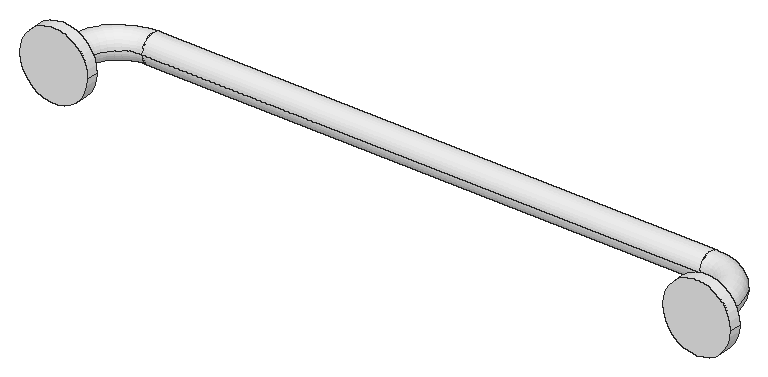
Revit family "Barra_Apoio_U", category Plumbing Fixtures, host Wall, Revit 2020
Family settings
  Host = Wall
  Round Connector Dimension = Use Diameter
  Part Type = Normal
  OmniClass Number = 23.45.00.00
  OmniClass Title = Sanitary, Laundry, and Cleaning Equipment
  Always vertical = Yes
  Cut with Voids When Loaded = No
  Shared = No
  Room Calculation Point = No
Parameters (values of type "Barra_U75")
  Material_Barra = CT_Cromados
  Default Elevation = 0.000 m
  Barra_Deslocamento [instance] = 0.200 m
  Barra_Comprimento = 0.750 m
  Barra_Altura [instance] = 0.750 m
  Barra_Afastamento = 0.082 m
Reference planes (m)
  plane 1: y = 0
  plane 2 "Center (Left/Right)": x = 0.125
  plane 3 "Back": y = 0.075
  plane 4: x = 0.325
  plane 5: y = 0.088
  plane 6: x = 1.075
  plane 7 "Altura": z = 0.75
  plane 8: y = 0.157
Forms (m)
  Extrusion 1, solid, material "CT_Cromados" <- "Material_Barra"
    sketch origin (0.243231, 0.075, 0.450377) x (1, 0, 0) y (0, 0, 1)
      loop
        circle (0.081769, 0.299623) r 0.0395
    from 0 to -0.013
  Extrusion 2, solid, material "CT_Cromados" <- "Material_Barra"
    sketch origin (0.906621, 0.075, 0.600377) x (1, 0, 0) y (0, 0, 1)
      loop
        circle (0.168379, 0.149623) r 0.0395
    from 0 to -0.013
  Sweep 3, solid, material "CT_Cromados" <- "Material_Barra"
    path origin (0, 0, 0.75) x (0, 1, 0) y (-1, 0, 0)
      loop
        line (0.075, -1.075) -> (0.107, -1.075)
        arc (0.107, -1.075) -> (0.142355, -1.060355) -> (0.157, -1.025) r 0.05
        line (0.157, -1.025) -> (0.157, -0.375)
        arc (0.157, -0.375) -> (0.142355, -0.339645) -> (0.107, -0.325) r 0.05
        line (0.107, -0.325) -> (0.075, -0.325)
    profile origin (1.075, 0.091, 0.75) x (-1, 0, 0) y (0, 0, 1)
      loop
        circle (0, 0) r 0.016
Cuts and joins
  joined: Extrusion 1, Extrusion 2, Sweep 3
Text (m)
  text "Placement side" at (-1.787139, 0.59235, 0), in view "Ref. Level"
  text "Placement side" at (0, 1.827695, 2.917686), in view "Left"
  text "Placement side" at (0, 0.562268, 3.853606), in view "Right"
Dimensions and locks (m)
  locked: plane 3 "Back" to host wall
  "Barra_Deslocamento": plane 2 "Center (Left/Right)" to plane 4
  locked: plane 5 to plane 3 "Back" at 0.013
  "Barra_Comprimento": plane 4 to plane 6
  "Barra_Altura": plane 7 "Altura" to level
  "Barra_Afastamento": plane 8 to plane 3 "Back"
  radius of Sweep 3 sketch curve = 0.050 m  (x2)
  aligned and locked: host wall to plane 1
  aligned and locked: plane 5 to Extrusion 1
  aligned and locked: plane 3 "Back" to Extrusion 1
  aligned and locked: plane 7 "Altura" to Extrusion 2 sketch curve
  aligned and locked: plane 7 "Altura" to Extrusion 1 sketch curve
  aligned and locked: plane 7 "Altura" to Extrusion 1
  aligned and locked: Sweep 3 sketch curve to plane 8
  aligned and locked: cut or joined group of Extrusion 1, Extrusion 2, Sweep 3 to host wall
  aligned and locked: cut or joined group of Extrusion 1, Extrusion 2, Sweep 3 to cut or joined group of Extrusion 1, Extrusion 2, Sweep 3  (x2)
Automatic sketch dimensions
  Extrusion 1 sketch curve to plane 4 = 0.000 m
  Extrusion 1 sketch curve to Extrusion 1 sketch curve = 0.0395 m
  Extrusion 2 sketch curve to plane 6 = 0.000 m
  Extrusion 2 sketch curve to plane 6 = 0.0395 m
  plane 3 "Back" to Sweep 3 sketch curve = 0.000 m  (x2)
  Sweep 3 sketch curve to plane 6 = 0.000 m
  Sweep 3 sketch curve to plane 4 = 0.000 m
  Sweep 3 sketch curve to plane 7 "Altura" = 0.000 m
  Sweep 3 sketch curve to profile plane = 0.000 m
  radius of Sweep 3 sketch curve = 0.016 m
